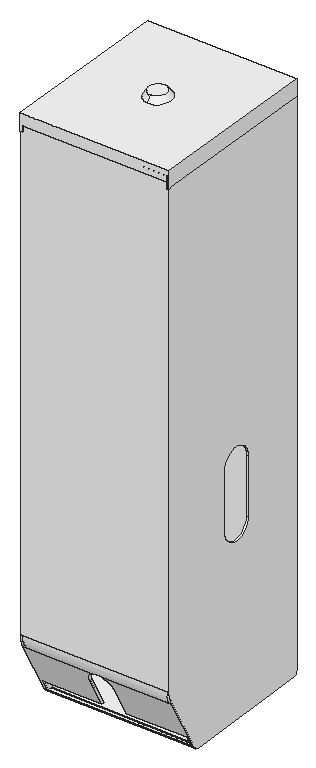
Revit family "Toilet Roll Dispenser_Metlam_Triple_Cabinet_Rectangular", category Specialty Equipment, Revit 2016
Family settings
  Part Type = Normal
  Round Connector Dimension = Use Diameter
  OmniClass Number = 23.40.20.21.21
  OmniClass Title = Toilet Paper Dispensers
  Work Plane-Based = No
  Always vertical = Yes
  Cut with Voids When Loaded = No
  Shared = No
  Room Calculation Point = Yes
Parameters (values of type "White 118w x 126d x 433h (ML833W)")
  URL = "http://www.metlam.com.au/"
  Type Comments = "Toilet Roll Dispensers"  # constant formula
  Model = "ML833W"
  Material_ANZRS = z_Metlam_White
  Manufacturer_URL__Product Specific = "https://metlam.com.au/product/content/toilet-roll-dispensers/ML833W"
  Manufacturer_Spec Code = Model  # "ML833W"
  Manufacturer_Overall Width = 118 mm  # constant formula
  Manufacturer_Overall Height = 433 mm  # constant formula
  Manufacturer_Overall Depth = 126 mm  # constant formula
  Manufacturer_Height From FFL [instance] = 585 mm
  Manufacturer = "Metlam"  # constant formula
  Description = "Triple Toilet Roll Dispenser - White Powder Coat"
  CreatedBy_ANZRS = "IGS BIM Solutions"  # constant formula
  CreatedByURL_ANZRS = "http://www.igsgroup.com.au/"
  Assembly Code = ""
Types (2, lengths in mm): name | Model | Material_ANZRS | Manufacturer_URL__Product Specific | Manufacturer_Spec Code | Description
  Satin 118w x 126d x 433h (ML833SS) | "ML833SS" | z_Metlam_Metal_Stainless Steel_Satin | "https://metlam.com.au/product/content/toilet-roll-dispensers/ML833SS" | "ML833SS" | "Stainless Steel Triple Roll Toilet Paper Dispenser"
  White 118w x 126d x 433h (ML833W) | "ML833W" | z_Metlam_White | "https://metlam.com.au/product/content/toilet-roll-dispensers/ML833W" | "ML833W" | "Triple Toilet Roll Dispenser - White Powder Coat"
Reference planes
  plane 1 "Back": y = 0
  plane 2 "Ref. Level": z = 0
  plane 3 "Center (Left/Right)": x = 0
  plane 4 "Right": x = 59
  plane 5 "Left": x = -59
  plane 6 "Bottom": z = 585
  plane 7 "Front": y = -126
  plane 8 "Top": z = 1018
  plane 9 "Lid_Bottom": z = 994.551
Forms (mm)
  Extrusion 1, solid, material "z_Metlam_White" <- "Material_ANZRS"
    sketch origin (0, 0, 9.514) x (0, 1, 0) y (0, 0, 1)
      loop
        line (0, 995.295) -> (-126, 985.055) -> (-126, 627.052)
        arc (-126, 627.052) -> (-125.363, 622.045) -> (-123.492, 617.356) r 20
        line (-123.492, 617.356) -> (-101.656, 577.963)
        arc (-101.656, 577.963) -> (-99.648, 576.227) -> (-97.033, 575.764) r 5
        line (-97.033, 575.764) -> (-2.559, 584.619)
        arc (-2.559, 584.619) -> (-0.728, 585.628) -> (0, 587.587) r 3
        line (0, 587.587) -> (0, 995.295)
      loop
        arc (-47, 760.81) -> (-59.5, 773.31) -> (-72, 760.81) r 12.5
        line (-72, 760.81) -> (-72, 717.986)
        arc (-72, 717.986) -> (-59.5, 705.486) -> (-47, 717.986) r 12.5
        line (-47, 717.986) -> (-47, 760.81)
    from -59 to -57.167
  Extrusion 2, solid, material "z_Metlam_White" <- "Material_ANZRS"
    sketch origin (0, 0, 9.514) x (0, 1, 0) y (0, 0, -1)
      loop
        line (0, -995.295) -> (0, -587.587)
        arc (0, -587.587) -> (-0.728, -585.628) -> (-2.559, -584.619) r 3
        line (-2.559, -584.619) -> (-97.033, -575.764)
        arc (-97.033, -575.764) -> (-99.648, -576.227) -> (-101.656, -577.963) r 5
        line (-101.656, -577.963) -> (-123.492, -617.356)
        arc (-123.492, -617.356) -> (-125.363, -622.045) -> (-126, -627.052) r 20
        line (-126, -627.052) -> (-126, -985.055) -> (0, -995.295)
      loop
        arc (-47, -717.986) -> (-59.5, -705.486) -> (-72, -717.986) r 12.5
        line (-72, -717.986) -> (-72, -760.81)
        arc (-72, -760.81) -> (-59.5, -773.31) -> (-47, -760.81) r 12.5
        line (-47, -760.81) -> (-47, -717.986)
    from -59 to -57.167
  Extrusion 3, solid, material "z_Metlam_White" <- "Material_ANZRS"
    sketch origin (0, 0, 40.393) x (0, 1, 0) y (0, 0, 1)
      loop
        arc (-126, 596.174) -> (-125.363, 591.166) -> (-123.492, 586.477) r 20
        line (-123.492, 586.477) -> (-101.656, 547.084)
        arc (-101.656, 547.084) -> (-99.648, 545.348) -> (-97.033, 544.885) r 5
        line (-97.033, 544.885) -> (-2.559, 553.741)
        arc (-2.559, 553.741) -> (-0.728, 554.749) -> (0, 556.708) r 3
        line (0, 556.708) -> (0, 965.209) -> (-2, 965.209) -> (-2, 556.708)
        arc (-2, 556.708) -> (-2.23, 556.07) -> (-2.814, 555.726) r 1
        line (-2.814, 555.726) -> (-97.22, 546.876)
        arc (-97.22, 546.876) -> (-98.794, 547.156) -> (-100, 548.205) r 3
        line (-100, 548.205) -> (-121.743, 587.447)
        arc (-121.743, 587.447) -> (-123.427, 591.667) -> (-124, 596.174) r 18
        line (-124, 596.174) -> (-124, 963.408) -> (-126, 963.408) -> (-126, 596.174)
    from -57.167 to 57.167
  Extrusion 4, solid, material "z_Metlam_White" <- "Material_ANZRS"
    sketch origin (0, 0, 40.393) x (0, 1, 0) y (0, 0, 1)
      loop
        line (0, 964.416) -> (0, 977.459) -> (-126.221, 967.201) -> (-126.221, 954.158) -> (0, 964.416)
    from -59 to 59
  Extrusion 5, void
    sketch origin (0, 0, 39.143) x (1, 0, 0) y (0, 0, 1)
      loop
        line (-57.167, 548.334) -> (57.167, 548.334) -> (57.167, 556.976) -> (9.959, 556.976) -> (9.959, 578.656)
        arc (9.959, 578.656) -> (-0.041, 588.656) -> (-10.041, 578.656) r 10
        line (-10.041, 578.656) -> (-10.041, 556.976) -> (-57.167, 556.976) -> (-57.167, 548.334)
    from 97.259 to 137.535
  Extrusion 6, void
    sketch origin (0, 0, 994.551) x (-1, 0, 0) y (0, -1, 0)
      loop
        line (57.167, 124) -> (57.167, 126.221) -> (-57.167, 126.221) -> (-57.167, 124) -> (57.167, 124)
    from 0 to 4.509
  Blend 7, solid, material "z_Metlam_White" <- "Material_ANZRS", detail levels medium+fine
    base sketch origin (2.884, 5.748, 1018.319) x (0, -0.996714, -0.081005) y (1, 0, 0)
      loop
        circle (69.236, -2.892) r 10
    top sketch origin (2.884, 5.748, 1018.319) x (0, -0.996714, -0.081005) y (1, 0, 0)
      loop
        circle (69.236, -2.892) r 7
    from 0 to 4.221
Cuts and joins
  Extrusion 5 cuts Extrusion 1
  Extrusion 5 cuts Extrusion 2
  Extrusion 5 cuts Extrusion 3
  joined: Extrusion 1, Extrusion 2, Extrusion 3
  Extrusion 6 cuts Extrusion 4
Lines and regions (mm)
  Masking region 1
    outline origin (0, 0, 0) x (1, 0, 0) y (0, 1, 0)
      loop
        line (-59, 0) -> (-59, -126) -> (59, -126) -> (59, 0) -> (-59, 0)
  symbolic lines, style "Bathroom Fixtures", detail levels medium+fine
    curve 1: spline (-10.008, -62.738, 0) -> (-9.667, -60.158, 0) -> (-8.668, -57.754, 0) -> (-7.079, -55.69, 0) -> (-5.008, -54.106, 0) -> (-2.596, -53.11, 0) -> (-0.008, -52.771, 0) -> (2.58, -53.11, 0) -> (4.992, -54.106, 0) -> (7.063, -55.69, 0) -> (8.652, -57.754, 0) -> (9.651, -60.158, 0) -> (9.992, -62.738, 0) -> (9.651, -65.317, 0) -> (8.652, -67.721, 0) -> (7.063, -69.786, 0) -> (4.992, -71.369, 0) -> (2.58, -72.365, 0) -> (-0.008, -72.705, 0) -> (-2.596, -72.365, 0) -> (-5.008, -71.369, 0) -> (-7.079, -69.786, 0) -> (-8.668, -67.721, 0) -> (-9.667, -65.317, 0) -> (-10.008, -62.738, 0)
    curve 2: spline (6.992, -63.08, 0) -> (6.753, -61.274, 0) -> (6.054, -59.591, 0) -> (4.942, -58.146, 0) -> (3.492, -57.037, 0) -> (1.804, -56.34, 0) -> (-0.008, -56.103, 0) -> (-1.82, -56.34, 0) -> (-3.508, -57.037, 0) -> (-4.958, -58.146, 0) -> (-6.07, -59.591, 0) -> (-6.77, -61.274, 0) -> (-7.008, -63.08, 0) -> (-6.77, -64.885, 0) -> (-6.07, -66.568, 0) -> (-4.958, -68.013, 0) -> (-3.508, -69.122, 0) -> (-1.82, -69.819, 0) -> (-0.008, -70.057, 0) -> (1.804, -69.819, 0) -> (3.492, -69.122, 0) -> (4.942, -68.013, 0) -> (6.054, -66.568, 0) -> (6.753, -64.885, 0) -> (6.992, -63.08, 0)
Text (mm)
  text "> Contact Manufacturer to confirm feasibility of design variations outside the scope of this Revit Family\n\n\n\nDisclaimer:\n\nDue to ongoing product development and manufacturing evolution, product details are subject to change without notice. Please refer to product technical data sheets on the manufacturer’s website for the most current product information. Please allow a +/- 5mm manufacturing tolerance for dimensions and set-outs shown in product literature." at (155.934, 41.035, 0), in view "Ref. Level_Instruction"
Dimensions and locks
  "Manufacturer_Height From FFL": plane 6 "Bottom" to plane 2 "Ref. Level"
  "Manufacturer_Overall Depth": plane 7 "Front" to plane 1 "Back"
  "Manufacturer_Overall Width": plane 5 "Left" to plane 4 "Right"
  "Manufacturer_Overall Height": plane 8 "Top" to plane 6 "Bottom"
  locked: plane 8 "Top" to plane 9 "Lid_Bottom" at 23.449
  aligned and locked: level to plane 2 "Ref. Level"
  aligned and locked: Masking region 1 to plane 1 "Back"
  aligned and locked: plane 7 "Front" to Masking region 1
  aligned and locked: cut or joined group of Extrusion 4, Extrusion 6 to plane 5 "Left"
  aligned and locked: cut or joined group of Extrusion 4, Extrusion 6 to plane 4 "Right"
  aligned and locked: Extrusion 6 to plane 9 "Lid_Bottom"
Automatic sketch dimensions
  Masking region 1 sketch curve to plane 5 "Left" = 0 mm
  Masking region 1 sketch curve to plane 4 "Right" = 0 mm
  plane 7 "Front" to Masking region 1 sketch curve = 0 mm
  plane 1 "Back" to Masking region 1 sketch curve = 0 mm
  Extrusion 1 sketch curve to plane 7 "Front" = 0 mm
  Extrusion 1 sketch curve to plane 1 "Back" = 0 mm
  Extrusion 1 sketch curve to plane 7 "Front" = 2.508 mm
  Extrusion 1 sketch curve to plane 7 "Front" = 20 mm
  plane 6 "Bottom" to Extrusion 1 sketch curve = 2.477 mm
  Extrusion 1 sketch curve to plane 7 "Front" = 24.344 mm
  Extrusion 1 sketch curve to Extrusion 1 sketch curve = 4.157 mm
  plane 6 "Bottom" to Extrusion 1 sketch curve = 0.278 mm
  Extrusion 1 sketch curve to Extrusion 1 sketch curve = 0.467 mm
  Extrusion 1 sketch curve to Extrusion 1 sketch curve = 3 mm
  plane 1 "Back" to Extrusion 1 sketch curve = 2.559 mm
  plane 6 "Bottom" to Extrusion 1 sketch curve = 9.134 mm
  plane 6 "Bottom" to Extrusion 1 sketch curve = 41.871 mm
  Extrusion 1 sketch curve to Extrusion 1 sketch curve = 90.933 mm
  Extrusion 1 sketch curve to Extrusion 1 sketch curve = 42.825 mm
  Extrusion 1 sketch curve to plane 8 "Top" = 23.431 mm
  Extrusion 1 sketch curve to plane 8 "Top" = 13.191 mm
  Extrusion 2 sketch curve to plane 7 "Front" = 0 mm
  Extrusion 2 sketch curve to plane 1 "Back" = 0 mm
  Extrusion 2 sketch curve to plane 7 "Front" = 2.508 mm
  Extrusion 2 sketch curve to plane 7 "Front" = 20 mm
  plane 6 "Bottom" to Extrusion 2 sketch curve = 2.477 mm
  Extrusion 2 sketch curve to plane 7 "Front" = 24.344 mm
  Extrusion 2 sketch curve to Extrusion 2 sketch curve = 4.157 mm
  plane 6 "Bottom" to Extrusion 2 sketch curve = 0.278 mm
  Extrusion 2 sketch curve to Extrusion 2 sketch curve = 0.467 mm
  Extrusion 2 sketch curve to Extrusion 2 sketch curve = 3 mm
  plane 1 "Back" to Extrusion 2 sketch curve = 2.559 mm
  plane 6 "Bottom" to Extrusion 2 sketch curve = 9.134 mm
  plane 6 "Bottom" to Extrusion 2 sketch curve = 41.871 mm
  Extrusion 2 sketch curve to Extrusion 2 sketch curve = 90.933 mm
  Extrusion 2 sketch curve to Extrusion 2 sketch curve = 42.825 mm
  Extrusion 2 sketch curve to plane 8 "Top" = 23.431 mm
  Extrusion 2 sketch curve to plane 8 "Top" = 13.191 mm
  Extrusion 3 sketch curve to Extrusion 3 sketch curve = 0 mm  (x6)
  Extrusion 3 sketch curve to plane 7 "Front" = 0 mm
  Extrusion 3 sketch curve to plane 1 "Back" = 0 mm
  Extrusion 3 sketch curve to plane 7 "Front" = 2 mm
  Extrusion 3 sketch curve to plane 7 "Front" = 2.508 mm
  Extrusion 3 sketch curve to Extrusion 3 sketch curve = 1.742 mm
  Extrusion 3 sketch curve to Extrusion 3 sketch curve = 0.007 mm
  Extrusion 3 sketch curve to Extrusion 3 sketch curve = 18 mm
  plane 6 "Bottom" to Extrusion 3 sketch curve = 2.477 mm
  Extrusion 3 sketch curve to plane 7 "Front" = 24.344 mm
  plane 6 "Bottom" to Extrusion 3 sketch curve = 3.598 mm
  Extrusion 3 sketch curve to Extrusion 3 sketch curve = 1.656 mm
  Extrusion 3 sketch curve to Extrusion 3 sketch curve = 2.5 mm
  Extrusion 3 sketch curve to Extrusion 3 sketch curve = 0.28 mm
  plane 6 "Bottom" to Extrusion 3 sketch curve = 0.278 mm
  Extrusion 3 sketch curve to Extrusion 3 sketch curve = 0.187 mm
  plane 1 "Back" to Extrusion 3 sketch curve = 3 mm
  Extrusion 3 sketch curve to Extrusion 3 sketch curve = 0.186 mm
  Extrusion 3 sketch curve to Extrusion 3 sketch curve = 0.255 mm
  plane 1 "Back" to Extrusion 3 sketch curve = 2 mm
  plane 6 "Bottom" to Extrusion 3 sketch curve = 9.134 mm
  plane 6 "Bottom" to Extrusion 3 sketch curve = 41.871 mm
  Extrusion 3 sketch curve to Extrusion 3 sketch curve = 0.004 mm
  Extrusion 3 sketch curve to plane 8 "Top" = 14.199 mm
  Extrusion 3 sketch curve to plane 8 "Top" = 12.398 mm
  plane 7 "Front" to Extrusion 4 sketch curve = 0.221 mm
  Extrusion 4 sketch curve to plane 1 "Back" = 0 mm
  Extrusion 4 sketch curve to plane 8 "Top" = 23.449 mm
  Extrusion 4 sketch curve to plane 8 "Top" = 13.191 mm
  Extrusion 4 sketch curve to plane 8 "Top" = 10.406 mm
  Extrusion 4 sketch curve to plane 8 "Top" = 0.148 mm
  plane 5 "Left" to Extrusion 5 sketch curve = 1.833 mm
  Extrusion 5 sketch curve to plane 3 "Center (Left/Right)" = 10.041 mm
  Extrusion 5 sketch curve to plane 3 "Center (Left/Right)" = 0.041 mm
  plane 4 "Right" to Extrusion 5 sketch curve = 1.833 mm
  plane 6 "Bottom" to Extrusion 5 sketch curve = 2.477 mm
  plane 6 "Bottom" to Extrusion 5 sketch curve = 11.119 mm  (x2)
  Extrusion 5 sketch curve to Extrusion 5 sketch curve = 21.68 mm
  Blend 7 sketch curve to Extrusion 4 = 63.468 mm  (x2)
  Extrusion 4 to Blend 7 sketch curve = 58.992 mm  (x2)
  Extrusion 1 sketch curve to plane 7 "Front" = 54 mm
  Extrusion 1 sketch curve to Extrusion 1 sketch curve = 12.5 mm
  Extrusion 2 sketch curve to plane 7 "Front" = 54 mm
  Extrusion 2 sketch curve to Extrusion 2 sketch curve = 12.5 mm
  curve 1 to plane 3 "Center (Left/Right)" = 10.008 mm
  curve 2 to plane 3 "Center (Left/Right)" = 0.008 mm
  curve 2 to plane 7 "Front" = 62.92 mm
  curve 1 to plane 3 "Center (Left/Right)" = 0.008 mm
  plane 3 "Center (Left/Right)" to curve 2 = 6.992 mm
  curve 2 to curve 1 = 0.342 mm
  plane 4 "Right" to Extrusion 6 sketch curve = 1.833 mm
  plane 5 "Left" to Extrusion 6 sketch curve = 1.833 mm
  Extrusion 6 sketch curve to plane 7 "Front" = 2 mm
  Extrusion 6 sketch curve to Extrusion 6 sketch curve = 2.221 mm
  radius of Blend 7 sketch curve = 10 mm
  radius of Blend 7 sketch curve = 7 mm
